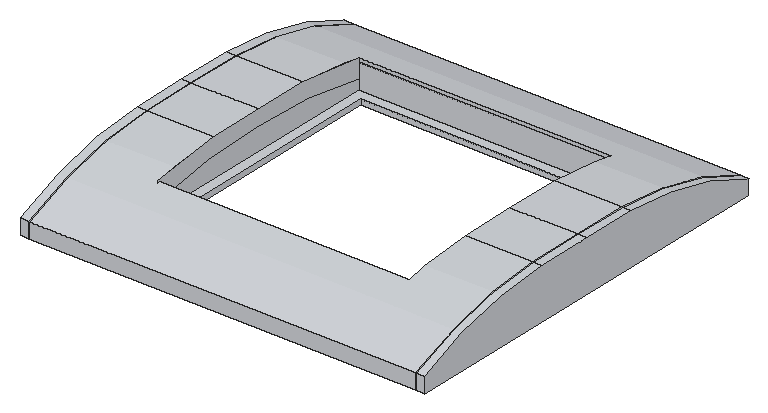
Revit family "Gira_0211803", category Electrical Fixtures, host Face, Revit 2017
Family settings
  Host = Face
  Maintain Annotation Orientation = No
  Round Connector Dimension = Use Diameter
  Part Type = Normal
  Cut with Voids When Loaded = No
  Shared = No
  Room Calculation Point = No
Parameters (values of type "Abdeckrahmen 1f Zwischenr. RW Gira Event Reinweiß")
  Werkstoffgüte = "Thermoplast"
  Werkstoff = "Kunststoff"
  URL = "http://katalog.gira.de/de_DE/datenblatt.html?artikelnr=0211803"
  Transparent = "No"
  Textfeld/Beschriftungsfläche = "No"
  Schutzart (IP) = "IP20"
  Region = "DE"
  Oberfläche = "sonstige"
  Name = "Abdeckrahmen 1f Zwischenr. RW Gira Event Reinweiß"
  Montagerichtung = "horizontal und vertikal"
  Mit Montagerahmen = "No"
  Mit Klappdeckel = "No"
  Manufacturer URL = "https://www.gira.de/"
  Keynote = "Event_Rahmen_1fach"
  HeinzeBIM = "https://bimportal.heinze.de/bim/abdeckrahmen-1f-zwischenr-rw-gira-event-reinweiss/ac1af5f9604cbd49880c2c70b9138d8790a44580"
  Halogenfrei = "Yes"
  HAN = "0211803"
  Geeignet für Unterputz-Installation = "Yes"
  Geeignet für Unterflurkanaldose = "No"
  Geeignet für Geräteeinbaukanal = "No"
  Geeignet für Einbauinstallation = "No"
  GTIN = "4010337069966"
  Farbe = "weiß"
  Default Elevation = 1219.2 mm
  Data sheet (1) = "https://katalog.gira.de/de_DE/download.html?artikelnr=0211803"
  Category = "Abdeckrahmen"
  Befestigungsart = "Klemmbefestigung"
  Available = "Yes"
  Anzahl der Einheiten vertikal = "1 "
  Anzahl der Einheiten horizontal = "1 "
  Anzahl der Einheiten = "1 "
Reference planes
  plane 1 "Center (Front/Back)": y = 0
  plane 2: z = 0
  plane 3 "Center (Left/Right)": x = 0
Forms (mm)
  Extrusion 1, solid, detail levels fine
    sketch origin (0, 0, 1.55) x (0, 1, 0) y (0, 0, 1)
      loop
        arc (12.445, 9.683) -> (6.223, 9.833) -> (0, 9.85) r 291.636
        arc (0, 9.85) -> (-6.223, 9.833) -> (-12.445, 9.683) r 291.636
        arc (-12.445, 9.683) -> (-29.14, 7.482) -> (-45, 1.823) r 79.728
        line (-45, 1.823) -> (-45, -1.55) -> (-41.777, -1.55) -> (-41.777, -0.55)
        arc (-41.777, -0.55) -> (-21.205, 4.846) -> (0, 6.467) r 118.15
        arc (0, 6.467) -> (21.205, 4.846) -> (41.777, -0.55) r 118.15
        line (41.777, -0.55) -> (41.777, -1.55) -> (45, -1.55) -> (45, 1.823)
        arc (45, 1.823) -> (29.14, 7.482) -> (12.445, 9.683) r 79.728
    from -43 to 43
  Extrusion 2, void, detail levels fine
    sketch origin (0, 0, 0) x (1, 0, 0) y (0, 1, 0)
      loop
        line (-28, -28) -> (28, -28) -> (28, 28) -> (-28, 28) -> (-28, -28)
    from 2.85 to 12
  Extrusion 3, solid, detail levels coarse
    sketch origin (0, 0, 0) x (1, 0, 0) y (0, 1, 0)
      loop
        line (-45, 45) -> (-45, -45) -> (45, -45) -> (45, 45) -> (-45, 45)
    from 0 to 11.4
  Extrusion 4, solid, detail levels medium
    sketch origin (0, 0, 1.55) x (0, 1, 0) y (0, 0, 1)
      loop
        arc (12.445, 9.683) -> (6.223, 9.833) -> (0, 9.85) r 291.636
        arc (0, 9.85) -> (-6.223, 9.833) -> (-12.445, 9.683) r 291.636
        arc (-12.445, 9.683) -> (-29.14, 7.482) -> (-45, 1.823) r 79.728
        line (-45, 1.823) -> (-45, -1.55) -> (45, -1.55) -> (45, 1.823)
        arc (45, 1.823) -> (29.14, 7.482) -> (12.445, 9.683) r 79.728
    from -45 to 45
  Extrusion 5, solid, detail levels fine
    sketch origin (0, 0, 0) x (0, 1, 0) y (0, 0, 1)
      loop
        arc (45, 3.373) -> (29.14, 9.032) -> (12.445, 11.233) r 79.728
        arc (12.445, 11.233) -> (6.223, 11.383) -> (0, 11.4) r 291.636
        arc (0, 11.4) -> (-6.223, 11.383) -> (-12.445, 11.233) r 291.636
        arc (-12.445, 11.233) -> (-29.14, 9.032) -> (-45, 3.373) r 79.728
        line (-45, 3.373) -> (-45, 0) -> (45, 0) -> (45, 3.373)
    from 43 to 45
  Extrusion 6, solid, detail levels fine
    sketch origin (0, 0, 0) x (0, 1, 0) y (0, 0, -1)
      loop
        line (45, -3.373) -> (45, 0) -> (-45, 0) -> (-45, -3.373)
        arc (-45, -3.373) -> (-29.14, -9.032) -> (-12.445, -11.233) r 79.728
        arc (-12.445, -11.233) -> (-6.223, -11.383) -> (0, -11.4) r 291.636
        arc (0, -11.4) -> (6.223, -11.383) -> (12.445, -11.233) r 291.636
        arc (12.445, -11.233) -> (29.14, -9.032) -> (45, -3.373) r 79.728
    from 43 to 45
  Extrusion 7, solid, detail levels fine
    sketch origin (0, 0, 0) x (1, 0, 0) y (0, 1, 0)
      loop
        line (-25.7, 25.7) -> (-25.7, -25.7) -> (25.7, -25.7) -> (25.7, 25.7) -> (-25.7, 25.7)
      loop
        line (-29.495, 27.895) -> (-29.495, -27.895)
        spline (-29.495, -27.895) -> (-29.486, -28.025) -> (-29.461, -28.154) -> (-29.419, -28.278) -> (-29.361, -28.395) -> (-29.288, -28.504) -> (-29.202, -28.602) -> (-29.104, -28.688) -> (-28.995, -28.761) -> (-28.878, -28.819) -> (-28.754, -28.861) -> (-28.625, -28.886) -> (-28.495, -28.895)
        line (-28.495, -28.895) -> (28.495, -28.895)
        spline (28.495, -28.895) -> (28.625, -28.886) -> (28.754, -28.861) -> (28.878, -28.819) -> (28.995, -28.761) -> (29.104, -28.688) -> (29.202, -28.602) -> (29.288, -28.504) -> (29.361, -28.395) -> (29.419, -28.278) -> (29.461, -28.154) -> (29.486, -28.025) -> (29.495, -27.895)
        line (29.495, -27.895) -> (29.495, 27.895)
        spline (29.495, 27.895) -> (29.486, 28.025) -> (29.461, 28.154) -> (29.419, 28.278) -> (29.361, 28.395) -> (29.288, 28.504) -> (29.202, 28.602) -> (29.104, 28.688) -> (28.995, 28.761) -> (28.878, 28.819) -> (28.754, 28.861) -> (28.625, 28.886) -> (28.495, 28.895)
        line (28.495, 28.895) -> (-28.495, 28.895)
        spline (-28.495, 28.895) -> (-28.625, 28.886) -> (-28.754, 28.861) -> (-28.878, 28.819) -> (-28.995, 28.761) -> (-29.104, 28.688) -> (-29.202, 28.602) -> (-29.288, 28.504) -> (-29.361, 28.395) -> (-29.419, 28.278) -> (-29.461, 28.154) -> (-29.486, 28.025) -> (-29.495, 27.895)
    from 1.673 to 8.5
Cuts and joins
  Extrusion 2 cuts Extrusion 1
  Extrusion 2 cuts Extrusion 7
Dimensions and locks
  aligned and locked: plane 2 to host face
  aligned and locked: level to host face
